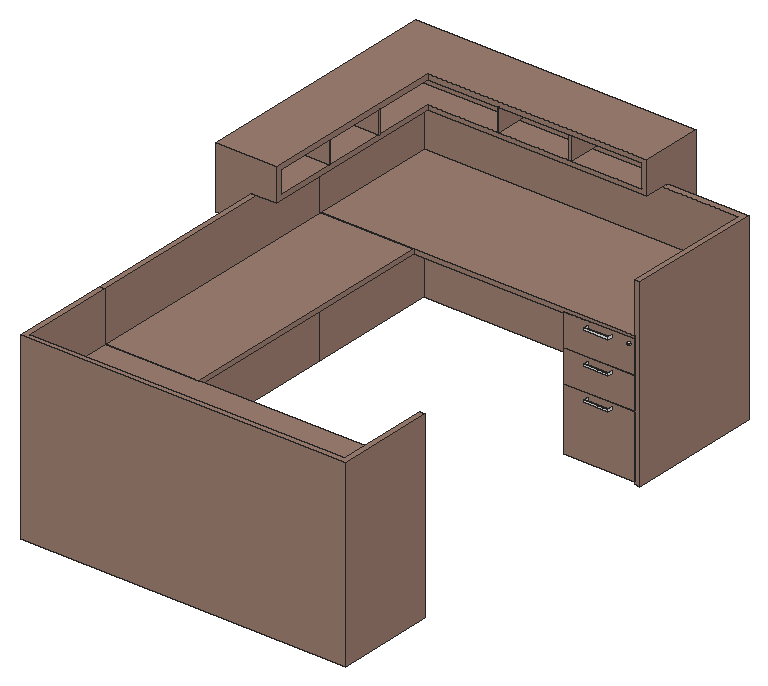
Revit family "T100016", category Furniture, Revit 2018
Family settings
  OmniClass Number = 23.40.20.00
  OmniClass Title = General Furniture and Specialties
  Work Plane-Based = No
  Always vertical = Yes
  Cut with Voids When Loaded = No
  Shared = No
  Room Calculation Point = No
Reference planes (in)
  plane 1 "Center Front/Back": y = 0
  plane 2: z = 0
  plane 3 "Center Left/Right": x = 0
Dimensions and locks (in)
  aligned and locked: level to plane 2
Nested families (in)
  nested 1: "OFS ELEMENT U DESK LEFT AND RIGHT WITH TRANSACTION BOX 72in Width 60in Return" at (-40, 45, 0), type "ELEMENT U DESK LEFT WITH TRANSACTION BOX 72in Width 60in Return"
    with Desk Overlay Option yes
  nested 2: "OFS ELEMENT DESK PEDESTAL" at (-13, 53.37448, 0), type "ELEMENT DESK PEDESTAL BOX/BOX/FILE RETURN"
  nested 3: "OFS ELEMENT CREDENZA PEDESTAL" at (-13, -52.8827, 0) x (-1, 0, 0) z (0, 0, 1), type "ELEMENT CREDENZA PEDESTAL BOX/BOX/FILE RETURN"
  nested 4: "OFS ELEMENT CREDENZA PEDESTAL" at (-28.625, -52.88391, 0) x (-1, 0, 0) z (0, 0, 1), type "ELEMENT CREDENZA PEDESTAL FILE/FILE RETURN"
Definition of nested family "OFS ELEMENT U DESK LEFT AND RIGHT WITH TRANSACTION BOX 72in Width 60in Return"
  Parameters (values of type "ELEMENT U DESK RIGHT WITH TRANSACTION BOX 72in Width 60in Return")
    Worksurface Material = none
    Worksurface Height = 2' - 5 1/2"
    Width = 6' - 0"
    URL = "http://www.ofsbrands.com/"
    Transaction Shelf Material = none
    Table Depth = 1' - 1 1/2"
    Right Return Desk Option = yes
    Return Worksurface Width = 1' - 10"
    Model = "EL-B72RU60"
    Manufacturer = "OFS"
    Left Return Desk Option = no
    Lateral Board Thickness = 0' - 1 3/16"
    Height = 3' - 11 3/4"
    Standoffs Material = none
    Groomet Material = none
    Desk Overlay Thickness = 0' - 0 1/8"
    Desk Overlay Option [instance] = yes
    Desk Overlay Material = none
    Desk Overlay = 0' - 6 1/2"
    Desk Height = 3' - 4 1/2"
    Description = "OFS BRANDS OFS ELEMENT U DESK RIGHT WITH TRANSACTION BOX, 80\"W x 56\"D DESK, 60\"W x 22\"D BRIDGE, 72\"W x 22\"D CREDENZA"
    Desk Depth = 3' - 2"
    Depth = 9' - 11 1/2"
    Credenza Depth = 1' - 10"
    Copyright © = "© 2018 OFS BRANDS"
    Catalog = "http://ofs.com/products/casegoods/reception/element"
    Box Material = none
    Box L = 1' - 6"
    Box Depth = 0' - 8"
    Box D = 5' - 4"
    Bottom Board Offset = 0' - 0"
    Chassis Material = none
    Base Depth = 2' - 6"
    Back Board Thickness = 0' - 1 3/16"
    Authoring Version = "Autodesk Revit Architecture 2013"
    Assembly Code = "E2020200"
  Types (3): name | Right Return Desk Option | Model | Left Return Desk Option | Description
    (no name) | yes | "EL-B72RU60" | no | "OFS BRANDS OFS ELEMENT U DESK RIGHT WITH TRANSACTION BOX, 80\"W x 56\"D DESK, 60\"W x 22\"D BRIDGE, 72\"W x 22\"D CREDENZA"
    ELEMENT U DESK RIGHT WITH TRANSACTION BOX 72in Width 60in Return | yes | "EL-B72RU60" | no | "OFS BRANDS OFS ELEMENT U DESK RIGHT WITH TRANSACTION BOX, 80\"W x 56\"D DESK, 60\"W x 22\"D BRIDGE, 72\"W x 22\"D CREDENZA"
    ELEMENT U DESK LEFT WITH TRANSACTION BOX 72in Width 60in Return | no | "EL-B72LU60" | yes | "OFS BRANDS OFS ELEMENT U DESK LEFT WITH TRANSACTION BOX, 80\"W x 56\"D DESK, 60\"W x 22\"D BRIDGE, 72\"W x 22\"D CREDENZA"
  Reference planes (in)
    plane 1 "Center Front/Back": y = 0
    plane 2: z = 0
    plane 3 "Center Left/Right": x = 0
    plane 4 "Back External": y = 19
    plane 5 "Right External": x = 36
    plane 6 "Front External": y = -19
    plane 7 "Left External": x = -36
    plane 8 "Seat Height": z = 29.5
    plane 9 "Height": z = 47.75
    plane 10: x = 34.8125
    plane 11: x = -34.8125
    plane 12: y = 11
    plane 13: y = 9.8125
    plane 14: y = 5.5
    plane 15: z = 40.5
    plane 16: z = 28.5
    plane 17: z = 46.625
    plane 18: z = 0
    plane 19: x = 29.5
    plane 20: x = -29.5
    plane 21: z = 6.5
    plane 22: z = 34
    plane 23: y = 11.125
    plane 24: y = -100.5
    plane 25: x = -14
    plane 26: x = 14
    plane 27: y = -99.3125
    plane 28: x = -31
    plane 29: x = 31
    plane 30: x = -18
    plane 31: x = 44
    plane 32: x = -44
    plane 33: x = -30.5
    plane 34: x = 30.5
    plane 35: x = 18
    plane 36: y = -36.5
    plane 37: y = -35.3125
    plane 38: x = 42.8125
    plane 39: x = -42.8125
    plane 40: x = -16.8125
    plane 41: x = 16.8125
    plane 42: z = 41.625
    plane 43: y = 17.8125
    plane 44: y = -8.10417
    plane 45: y = -21.70833
    plane 46: x = -1.04167
    plane 47: x = 14.72917
    plane 48: x = 1.04167
    plane 49: x = -14.72917
    plane 50: y = -78.5
  Forms (in)
    Extrusion 1, solid, material <- "Worksurface Material"
      sketch origin (0, 0, 0) x (1, 0, 0) y (0, 1, 0)
        loop
          line (-34.8125, 9.8125) -> (-34.8125, -19) -> (34.8125, -19) -> (34.8125, 9.8125) -> (-34.8125, 9.8125)
      from 28.5 to 29.5
    Extrusion 2, solid, material <- "Chassis Material"
      sketch origin (0, 0, 0) x (1, 0, 0) y (0, 1, 0)
        loop
          line (-36, -19) -> (-34.8125, -19) -> (-34.8125, 9.8125) -> (34.8125, 9.8125) -> (34.8125, -19) -> (36, -19) -> (36, 11) -> (-36, 11) -> (-36, -19)
      from 0 to 40.5
    Extrusion 3, solid, material <- "Box Material", visible <- "Right Return Desk Option"
      sketch origin (0, 0, 6) x (1, 0, 0) y (0, 1, 0)
        loop
          line (-18, 19) -> (-18, 5.5) -> (30.5, 5.5) -> (30.5, -36.5) -> (44, -36.5) -> (44, 19) -> (-18, 19)
      from 40.625 to 41.75
    Extrusion 4, solid, material <- "Desk Overlay Material", visible <- "Desk Overlay Option"
      sketch origin (0, 0, 0) x (1, 0, 0) y (0, 0, 1)
        loop
          line (29.5, 34) -> (-29.5, 34) -> (-29.5, 6.5) -> (29.5, 6.5) -> (29.5, 34)
      from -11.125 to -11
    Extrusion 5, solid, material <- "Chassis Material", visible <- "Left Return Desk Option"
      sketch origin (0, 0, 0) x (1, 0, 0) y (0, 1, 0)
        loop
          line (-36, -19) -> (-36, -78.5) -> (-34.8125, -78.5) -> (-34.8125, -19) -> (-36, -19)
      from 0 to 40.5
    Extrusion 6, solid, material <- "Worksurface Material", visible <- "Left Return Desk Option"
      sketch origin (14.83926, -32.43958, 0) x (1, 0, 0) y (0, 1, 0)
        loop
          line (-49.65176, 13.43958) -> (-49.65176, -46.06042) -> (-28.83926, -46.06042) -> (-28.83926, 13.43958) -> (-49.65176, 13.43958)
      from 28.5 to 29.5
    Extrusion 7, solid, material <- "Chassis Material", visible <- "Right Return Desk Option"
      sketch origin (0, 0, 0) x (-1, 0, 0) y (0, -1, 0)
        loop
          line (-36, 19) -> (-34.8125, 19) -> (-34.8125, 78.5) -> (-36, 78.5) -> (-36, 19)
      from 0 to 40.5
    Extrusion 8, solid, material <- "Worksurface Material", visible <- "Right Return Desk Option"
      sketch origin (-14.83926, -32.43958, 0) x (-1, 0, 0) y (0, -1, 0)
        loop
          line (-49.65176, -13.43958) -> (-28.83926, -13.43958) -> (-28.83926, 46.06042) -> (-49.65176, 46.06042) -> (-49.65176, -13.43958)
      from 28.5 to 29.5
    Extrusion 9, solid, material <- "Box Material", visible <- "Left Return Desk Option"
      sketch origin (0, 0, 6) x (-1, 0, 0) y (0, -1, 0)
        loop
          line (-18, -19) -> (44, -19) -> (44, 36.5) -> (30.5, 36.5) -> (30.5, -5.5) -> (-18, -5.5) -> (-18, -19)
      from 40.625 to 41.75
    Extrusion 10, solid, material <- "Box Material", visible <- "Left Return Desk Option"
      sketch origin (22, -38, 6) x (-1, 0, 0) y (0, -1, 0)
        loop
          line (4, -49) -> (58, -49) -> (58, -1.5) -> (52.5, -1.5) -> (52.5, -43.5) -> (4, -43.5) -> (4, -49)
      from 34.5 to 35.625
    Extrusion 11, solid, material <- "Box Material", visible <- "Right Return Desk Option"
      sketch origin (-22, -38, 6) x (1, 0, 0) y (0, 1, 0)
        loop
          line (4, 49) -> (4, 43.5) -> (52.5, 43.5) -> (52.5, 1.5) -> (58, 1.5) -> (58, 49) -> (4, 49)
      from 34.5 to 35.625
    Extrusion 12, solid, material <- "Box Material", visible <- "Right Return Desk Option"
      sketch origin (0, 0, 0) x (1, 0, 0) y (0, 1, 0)
        loop
          line (-18, 19) -> (-18, 17.8125) -> (42.8125, 17.8125) -> (42.8125, -36.5) -> (44, -36.5) -> (44, 19) -> (-18, 19)
      from 34 to 47.75
    Extrusion 13, solid, material <- "Box Material", visible <- "Left Return Desk Option"
      sketch origin (0, 0, 0) x (-1, 0, 0) y (0, -1, 0)
        loop
          line (-18, -19) -> (44, -19) -> (44, 36.5) -> (42.8125, 36.5) -> (42.8125, -17.8125) -> (-18, -17.8125) -> (-18, -19)
      from 34 to 47.75
    Extrusion 14, solid, material <- "Box Material", visible <- "Left Return Desk Option"
      sketch origin (0, 0, 0) x (1, 0, 0) y (0, 0, 1)
        loop
          line (-42.8125, 46.625) -> (-42.8125, 34) -> (-36, 34) -> (-36, 41.625) -> (-30.5, 41.625) -> (-30.5, 46.625) -> (-42.8125, 46.625)
      from 35.3125 to 36.5
    Extrusion 15, solid, material <- "Box Material", visible <- "Right Return Desk Option"
      sketch origin (0, 0, 0) x (-1, 0, 0) y (0, 0, -1)
        loop
          line (-42.8125, -46.625) -> (-30.5, -46.625) -> (-30.5, -41.625) -> (-36, -41.625) -> (-36, -34) -> (-42.8125, -34) -> (-42.8125, -46.625)
      from 35.3125 to 36.5
    Extrusion 16, solid, material <- "Box Material", visible <- "Right Return Desk Option"
      sketch origin (0, 5.66667, 0) x (1, 0, 0) y (0, 1, 0)
        loop
          line (30.5, -13.64583) -> (30.5, -13.89583) -> (42.8125, -13.89583) -> (42.8125, -13.64583) -> (30.5, -13.64583)
      from 41.625 to 46.625
    Extrusion 17, solid, material <- "Box Material", visible <- "Right Return Desk Option"
      sketch origin (0, -6.66667, 0) x (1, 0, 0) y (0, 1, 0)
        loop
          line (30.5, -14.91667) -> (30.5, -15.16667) -> (42.8125, -15.16667) -> (42.8125, -14.91667) -> (30.5, -14.91667)
      from 41.625 to 46.625
    Extrusion 18, solid, material <- "Box Material", visible <- "Left Return Desk Option"
      sketch origin (0, 5.66667, 0) x (-1, 0, 0) y (0, -1, 0)
        loop
          line (30.5, 13.64583) -> (42.8125, 13.64583) -> (42.8125, 13.89583) -> (30.5, 13.89583) -> (30.5, 13.64583)
      from 41.625 to 46.625
    Extrusion 19, solid, material <- "Box Material", visible <- "Left Return Desk Option"
      sketch origin (0, -6.66667, 0) x (-1, 0, 0) y (0, -1, 0)
        loop
          line (30.5, 14.91667) -> (42.8125, 14.91667) -> (42.8125, 15.16667) -> (30.5, 15.16667) -> (30.5, 14.91667)
      from 41.625 to 46.625
    Extrusion 20, solid, material <- "Box Material", visible <- "Right Return Desk Option"
      sketch origin (1.16497, -1.66375, 0) x (1, 0, 0) y (0, 1, 0)
        loop
          line (13.58503, 19.47625) -> (13.58503, 7.16375) -> (13.9392, 7.16375) -> (13.9392, 19.47625) -> (13.58503, 19.47625)
      from 41.625 to 46.625
    Extrusion 21, solid, material <- "Box Material", visible <- "Right Return Desk Option"
      sketch origin (-14.60586, -1.66375, 0) x (1, 0, 0) y (0, 1, 0)
        loop
          line (13.1892, 19.47625) -> (13.1892, 7.16375) -> (13.9392, 7.16375) -> (13.9392, 19.47625) -> (13.1892, 19.47625)
      from 41.625 to 46.625
    Extrusion 22, solid, material <- "Box Material", visible <- "Left Return Desk Option"
      sketch origin (-1.16497, -1.66375, 0) x (-1, 0, 0) y (0, -1, 0)
        loop
          line (13.58503, -19.47625) -> (13.9392, -19.47625) -> (13.9392, -7.16375) -> (13.58503, -7.16375) -> (13.58503, -19.47625)
      from 41.625 to 46.625
    Extrusion 23, solid, material <- "Box Material", visible <- "Left Return Desk Option"
      sketch origin (14.60586, -1.66375, 0) x (-1, 0, 0) y (0, -1, 0)
        loop
          line (13.1892, -19.47625) -> (13.9392, -19.47625) -> (13.9392, -7.16375) -> (13.1892, -7.16375) -> (13.1892, -19.47625)
      from 41.625 to 46.625
    Extrusion 24, solid, material <- "Box Material", visible <- "Right Return Desk Option"
      sketch origin (-3.41497, -1.91375, 0) x (-1, 0, 0) y (0, -1, 0)
        loop
          line (13.39753, -19.72625) -> (14.58503, -19.72625) -> (14.58503, -7.41375) -> (13.39753, -7.41375) -> (13.39753, -19.72625)
      from 41.625 to 46.625
    Extrusion 25, solid, material <- "Box Material", visible <- "Left Return Desk Option"
      sketch origin (2.66497, -1.91375, 0) x (1, 0, 0) y (0, 1, 0)
        loop
          line (14.14753, 19.72625) -> (14.14753, 7.41375) -> (15.33503, 7.41375) -> (15.33503, 19.72625) -> (14.14753, 19.72625)
      from 41.625 to 46.625
    Extrusion 26, solid, material <- "Box Material", visible <- "Right Return Desk Option"
      sketch origin (-3.41497, -1.91375, 0) x (-1, 0, 0) y (0, -1, 0)
        loop
          line (13.39753, -19.72625) -> (14.58503, -19.72625) -> (14.58503, -12.91375) -> (13.39753, -12.91375) -> (13.39753, -19.72625)
      from 34 to 41.625
    Extrusion 27, solid, material <- "Box Material", visible <- "Left Return Desk Option"
      sketch origin (38.58503, -1.91375, 0) x (-1, 0, 0) y (0, -1, 0)
        loop
          line (20.58503, -19.72625) -> (21.77253, -19.72625) -> (21.77253, -12.91375) -> (20.58503, -12.91375) -> (20.58503, -19.72625)
      from 34 to 41.625
    Extrusion 28, solid, material <- "Worksurface Material"
      sketch origin (36.05246, -53.65278, 0) x (1, 0, 0) y (0, 1, 0)
        loop
          line (-70.86496, -24.84722) -> (-70.86496, -45.65972) -> (-1.23996, -45.65972) -> (-1.23996, -24.84722) -> (-70.86496, -24.84722)
      from 28.5 to 29.5
    Extrusion 29, solid, material <- "Chassis Material"
      sketch origin (22.69245, -7.81364, 0) x (1, 0, 0) y (0, 1, 0)
        loop
          line (-58.69245, -70.68636) -> (-58.69245, -92.68636) -> (13.30755, -92.68636) -> (13.30755, -70.68636) -> (12.12005, -70.68636) -> (12.12005, -91.49886) -> (-57.50495, -91.49886) -> (-57.50495, -70.68636) -> (-58.69245, -70.68636)
      from 0 to 40.5
  Cuts and joins
    joined: Extrusion 9, Extrusion 10, Extrusion 13, Extrusion 14, Extrusion 25, Extrusion 27
    joined: Extrusion 3, Extrusion 11, Extrusion 12, Extrusion 15, Extrusion 24, Extrusion 26
  Dimensions and locks (in)
    equal spacing: plane 7 "Left External", plane 3 "Center Left/Right", plane 5 "Right External"
    "Width": plane 7 "Left External" to plane 5 "Right External"
    equal spacing: plane 6 "Front External", plane 1 "Center Front/Back", plane 4 "Back External"
    "Desk Depth": plane 4 "Back External" to plane 6 "Front External"
    "Worksurface Height": plane 8 "Seat Height" to level
    "Height": plane 9 "Height" to level
    "Lateral Board Thickness": plane 7 "Left External" to plane 11
    "Lateral Board Thickness": plane 10 to plane 5 "Right External"
    "Base Depth": plane 12 to plane 6 "Front External"
    "Back Board Thickness": plane 12 to plane 13
    "Table Depth": plane 4 "Back External" to plane 14
    "Desk Height": plane 15 to level
    "Bottom Board Offset": plane 18 to level
    "Desk Overlay": plane 5 "Right External" to plane 19
    "Desk Overlay": plane 20 to plane 7 "Left External"
    plane 20 to plane 19 = 4' - 11"
    "Desk Overlay": plane 22 to plane 15
    "Desk Overlay": plane 18 to plane 21
    "Desk Overlay Thickness": plane 23 to plane 12
    "Depth": plane 4 "Back External" to plane 24
    "Return Worksurface Width": plane 7 "Left External" to plane 25
    "Return Worksurface Width": plane 26 to plane 5 "Right External"
    "Back Board Thickness": plane 27 to plane 24
    locked: plane 7 "Left External" to plane 28 at 5
    locked: plane 29 to plane 5 "Right External" at 5
    locked: plane 9 "Height" to plane 17 at 1.125
    locked: plane 8 "Seat Height" to plane 16 at 1
    "Box Depth": plane 5 "Right External" to plane 31
    "Box Depth": plane 7 "Left External" to plane 32
    "Table Depth": plane 32 to plane 33
    "Table Depth": plane 31 to plane 34
    "Box L": plane 7 "Left External" to plane 30
    "Box L": plane 5 "Right External" to plane 35
    "Box D": plane 36 to plane 24
    "Back Board Thickness": plane 37 to plane 36
    "Back Board Thickness": plane 38 to plane 31
    "Back Board Thickness": plane 39 to plane 32
    "Back Board Thickness": plane 30 to plane 40
    "Back Board Thickness": plane 41 to plane 35
    locked: plane 42 to plane 15 at 1.125
    "Back Board Thickness": plane 4 "Back External" to plane 43
    equal spacing: plane 14, plane 44, plane 45, plane 37
    equal spacing: plane 40, plane 46, plane 47, plane 34
    equal spacing: plane 41, plane 48, plane 49, plane 33
    "Credenza Depth": plane 50 to plane 24
    aligned and locked: level to plane 2
    aligned and locked: Extrusion 1 sketch curve to plane 13
    aligned and locked: Extrusion 1 sketch curve to plane 11
    aligned and locked: plane 6 "Front External" to Extrusion 1 sketch curve
    aligned and locked: Extrusion 1 sketch curve to plane 10
    aligned and locked: plane 7 "Left External" to Extrusion 2 sketch curve
    aligned and locked: Extrusion 2 sketch curve to Extrusion 1  (x3)
    aligned and locked: plane 12 to Extrusion 2 sketch curve
    aligned and locked: plane 5 "Right External" to Extrusion 2 sketch curve
    aligned and locked: Extrusion 1 to Extrusion 2 sketch curve
    aligned and locked: Extrusion 2 sketch curve to plane 13
    aligned and locked: Extrusion 2 to plane 18
    aligned and locked: Extrusion 1 to plane 16
    aligned and locked: plane 8 "Seat Height" to Extrusion 1
    aligned and locked: Extrusion 3 to plane 14
    aligned and locked: Extrusion 3 to plane 4 "Back External"
    aligned and locked: Extrusion 3 to plane 9 "Height"
    aligned and locked: Extrusion 3 to plane 17
    aligned and locked: Extrusion 4 sketch curve to plane 22
    aligned and locked: Extrusion 4 sketch curve to plane 19
    aligned and locked: Extrusion 4 sketch curve to plane 21
    aligned and locked: Extrusion 4 sketch curve to plane 20
    aligned and locked: Extrusion 4 to plane 12
    aligned and locked: Extrusion 4 to plane 23
    aligned and locked: Extrusion 5 sketch curve to plane 6 "Front External"
    aligned and locked: plane 11 to Extrusion 6
    aligned and locked: plane 6 "Front External" to Extrusion 6
    aligned and locked: Extrusion 6 to plane 25
    aligned and locked: plane 6 "Front External" to Extrusion 8
    aligned and locked: Extrusion 8 to plane 26
    aligned and locked: Extrusion 8 to plane 10
    aligned and locked: plane 6 "Front External" to Extrusion 7
    aligned and locked: Extrusion 7 to plane 10
    aligned and locked: Extrusion 7 to plane 5 "Right External"
    aligned and locked: Extrusion 5 to plane 18
    aligned and locked: Extrusion 7 to plane 18
    aligned and locked: plane 15 to Extrusion 7
    aligned and locked: plane 15 to Extrusion 5
    aligned and locked: plane 31 to Extrusion 3 sketch curve
    aligned and locked: plane 34 to Extrusion 3 sketch curve
    aligned and locked: plane 36 to Extrusion 3 sketch curve
    aligned and locked: Extrusion 3 sketch curve to plane 30
    aligned and locked: plane 9 "Height" to Extrusion 9
    aligned and locked: Extrusion 9 to plane 17
    aligned and locked: Extrusion 6 to plane 16
    aligned and locked: plane 8 "Seat Height" to Extrusion 6
    aligned and locked: Extrusion 8 to plane 16
    aligned and locked: plane 8 "Seat Height" to Extrusion 8
    aligned and locked: plane 15 to Extrusion 2
    aligned and locked: Extrusion 10 to plane 7 "Left External"
    aligned and locked: Extrusion 10 to plane 33
    aligned and locked: Extrusion 10 to plane 14
    aligned and locked: Extrusion 10 to plane 35
    aligned and locked: Extrusion 10 to plane 36
    aligned and locked: Extrusion 10 to plane 15
    aligned and locked: plane 42 to Extrusion 10
    aligned and locked: Extrusion 11 to plane 15
    aligned and locked: plane 42 to Extrusion 11
    aligned and locked: plane 36 to Extrusion 12 sketch curve
    aligned and locked: plane 31 to Extrusion 12 sketch curve
    aligned and locked: Extrusion 12 sketch curve to plane 38
    aligned and locked: plane 9 "Height" to Extrusion 13
    aligned and locked: Extrusion 13 to plane 35
    aligned and locked: Extrusion 12 to plane 30
    aligned and locked: plane 39 to Extrusion 14 sketch curve
    aligned and locked: Extrusion 14 sketch curve to plane 17
    aligned and locked: plane 42 to Extrusion 14 sketch curve
    aligned and locked: Extrusion 14 sketch curve to plane 7 "Left External"
    aligned and locked: Extrusion 14 to plane 33
    aligned and locked: plane 37 to Extrusion 14
    aligned and locked: Extrusion 14 to plane 36
    aligned and locked: Extrusion 15 to plane 36
    aligned and locked: plane 37 to Extrusion 15
    aligned and locked: Extrusion 12 to plane 9 "Height"
    aligned and locked: plane 22 to Extrusion 15
    aligned and locked: Extrusion 12 to plane 22
    aligned and locked: Extrusion 14 to plane 22
    aligned and locked: Extrusion 13 to plane 22
    aligned and locked: Extrusion 16 to plane 34
    aligned and locked: Extrusion 17 to plane 34
    aligned and locked: Extrusion 17 to plane 17
    aligned and locked: Extrusion 16 to plane 17
    aligned and locked: Extrusion 17 to plane 42
    aligned and locked: Extrusion 16 to plane 42
    aligned and locked: Extrusion 17 to plane 38
    aligned and locked: Extrusion 16 to plane 38
    aligned and locked: Extrusion 9 to plane 36
    aligned and locked: Extrusion 13 to plane 36
    aligned and locked: Extrusion 11 to plane 36
    aligned and locked: plane 5 "Right External" to Extrusion 11
    aligned and locked: Extrusion 11 to plane 30
    aligned and locked: Extrusion 9 to plane 35
    aligned and locked: Extrusion 13 to plane 43
    aligned and locked: Extrusion 12 to plane 43
    aligned and locked: plane 17 to Extrusion 19
    aligned and locked: plane 17 to Extrusion 18
    aligned and locked: Extrusion 19 to plane 42
    aligned and locked: Extrusion 18 to plane 42
    aligned and locked: Extrusion 19 to plane 39
    aligned and locked: Extrusion 19 to plane 33
    aligned and locked: Extrusion 18 to plane 39
    aligned and locked: Extrusion 18 to plane 33
    aligned and locked: plane 12 to Extrusion 11
    aligned and locked: plane 12 to Extrusion 10
    aligned and locked: Extrusion 22 to plane 14
    aligned and locked: Extrusion 23 to plane 14
    aligned and locked: plane 14 to Extrusion 22
    aligned and locked: Extrusion 21 to plane 14
    aligned and locked: plane 43 to Extrusion 22
    aligned and locked: plane 43 to Extrusion 21
    aligned and locked: plane 43 to Extrusion 23
    aligned and locked: plane 43 to Extrusion 20
    aligned and locked: plane 17 to Extrusion 22
    aligned and locked: plane 17 to Extrusion 21
    aligned and locked: plane 17 to Extrusion 23
    aligned and locked: plane 17 to Extrusion 20
    aligned and locked: Extrusion 22 to plane 42
    aligned and locked: Extrusion 21 to plane 42
    aligned and locked: Extrusion 23 to plane 42
    aligned and locked: Extrusion 20 to plane 42
    aligned and locked: Extrusion 24 to plane 30
    aligned and locked: plane 40 to Extrusion 24
    aligned and locked: Extrusion 25 to plane 35
    aligned and locked: plane 41 to Extrusion 25
    aligned and locked: plane 43 to Extrusion 24
    aligned and locked: plane 43 to Extrusion 25
    aligned and locked: Extrusion 24 to plane 14
    aligned and locked: Extrusion 25 to plane 14
    aligned and locked: plane 17 to Extrusion 24
    aligned and locked: plane 17 to Extrusion 25
    aligned and locked: Extrusion 24 to plane 42
    aligned and locked: Extrusion 25 to plane 42
    aligned and locked: Extrusion 26 to plane 22
    aligned and locked: Extrusion 26 to plane 12
    aligned and locked: plane 43 to Extrusion 26
    aligned and locked: Extrusion 26 to plane 30
    aligned and locked: plane 42 to Extrusion 26
    aligned and locked: Extrusion 27 to plane 35
    aligned and locked: plane 41 to Extrusion 27
    aligned and locked: plane 42 to Extrusion 27
    aligned and locked: Extrusion 27 to plane 22
    aligned and locked: plane 43 to Extrusion 27
    aligned and locked: Extrusion 27 to plane 12
    aligned and locked: Extrusion 6 to plane 50
    aligned and locked: Extrusion 8 to plane 50
    aligned and locked: Extrusion 28 to plane 27
    aligned and locked: plane 50 to Extrusion 28
    aligned and locked: plane 11 to Extrusion 28
    aligned and locked: Extrusion 28 to plane 10
    aligned and locked: Extrusion 28 to plane 16
    aligned and locked: plane 8 "Seat Height" to Extrusion 28
    aligned and locked: plane 50 to Extrusion 5 sketch curve
    aligned and locked: Extrusion 7 sketch curve to plane 50
    aligned and locked: Extrusion 29 sketch curve to plane 7 "Left External"
    aligned and locked: plane 11 to Extrusion 29 sketch curve
    aligned and locked: Extrusion 29 sketch curve to plane 5 "Right External"
    aligned and locked: plane 10 to Extrusion 29 sketch curve
    aligned and locked: Extrusion 29 sketch curve to plane 27
    aligned and locked: plane 24 to Extrusion 29 sketch curve
    aligned and locked: plane 50 to Extrusion 29  (x2)
  Automatic sketch dimensions
    Extrusion 3 sketch curve to plane 14 = 0' - 0"
    plane 4 "Back External" to Extrusion 3 sketch curve = 0' - 0"
    Extrusion 5 sketch curve to plane 7 "Left External" = 0' - 0"
    Extrusion 6 sketch curve to plane 11 = 0' - 0"
    Extrusion 6 sketch curve to plane 25 = 0' - 0"
    Extrusion 6 sketch curve to plane 50 = 0' - 0"
    Extrusion 6 sketch curve to plane 6 "Front External" = 0' - 0"
    Extrusion 8 sketch curve to plane 10 = 0' - 0"
    Extrusion 8 sketch curve to plane 26 = 0' - 0"
    Extrusion 8 sketch curve to plane 50 = 0' - 0"
    Extrusion 8 sketch curve to plane 6 "Front External" = 0' - 0"
    Extrusion 9 sketch curve to plane 4 "Back External" = 0' - 0"
    Extrusion 9 sketch curve to plane 35 = 0' - 0"
    Extrusion 9 sketch curve to plane 33 = 0' - 0"
    Extrusion 9 sketch curve to plane 32 = 0' - 0"
    Extrusion 9 sketch curve to plane 14 = 0' - 0"
    Extrusion 9 sketch curve to plane 36 = 0' - 0"
    Extrusion 10 sketch curve to plane 12 = 0' - 0"
    Extrusion 10 sketch curve to plane 35 = 0' - 0"
    Extrusion 10 sketch curve to plane 33 = 0' - 0"
    Extrusion 10 sketch curve to plane 7 "Left External" = 0' - 0"
    Extrusion 10 sketch curve to plane 14 = 0' - 0"
    Extrusion 10 sketch curve to plane 36 = 0' - 0"
    Extrusion 11 sketch curve to plane 12 = 0' - 0"
    Extrusion 11 sketch curve to plane 30 = 0' - 0"
    Extrusion 11 sketch curve to plane 34 = 0' - 0"
    Extrusion 11 sketch curve to plane 5 "Right External" = 0' - 0"
    Extrusion 11 sketch curve to plane 36 = 0' - 0"
    Extrusion 11 sketch curve to plane 14 = 0' - 0"
    Extrusion 12 sketch curve to plane 4 "Back External" = 0' - 0"
    Extrusion 12 sketch curve to plane 30 = 0' - 0"
    plane 43 to Extrusion 12 sketch curve = 0' - 0"
    Extrusion 13 sketch curve to plane 4 "Back External" = 0' - 0"
    Extrusion 13 sketch curve to plane 35 = 0' - 0"
    Extrusion 13 sketch curve to plane 36 = 0' - 0"
    Extrusion 13 sketch curve to plane 39 = 0' - 0"
    Extrusion 13 sketch curve to plane 32 = 0' - 0"
    Extrusion 13 sketch curve to plane 43 = 0' - 0"
    plane 33 to Extrusion 14 sketch curve = 0' - 0"
    Extrusion 14 sketch curve to plane 22 = 0' - 0"
    Extrusion 15 sketch curve to plane 17 = 0' - 0"
    plane 38 to Extrusion 15 sketch curve = 0' - 0"
    Extrusion 15 sketch curve to plane 5 "Right External" = 0' - 0"
    Extrusion 15 sketch curve to plane 34 = 0' - 0"
    Extrusion 15 sketch curve to plane 22 = 0' - 0"
    Extrusion 15 sketch curve to plane 42 = 0' - 0"
    Extrusion 16 sketch curve to plane 34 = 0' - 0"
    Extrusion 16 sketch curve to plane 38 = 0' - 0"
    Extrusion 16 sketch curve to plane 44 = 0' - 0 1/8"
    plane 44 to Extrusion 16 sketch curve = 0' - 0 1/8"
    Extrusion 17 sketch curve to plane 34 = 0' - 0"
    Extrusion 17 sketch curve to plane 38 = 0' - 0"
    Extrusion 17 sketch curve to plane 45 = 0' - 0 1/8"
    plane 45 to Extrusion 17 sketch curve = 0' - 0 1/8"
    Extrusion 18 sketch curve to plane 33 = 0' - 0"
    Extrusion 18 sketch curve to plane 39 = 0' - 0"
    plane 44 to Extrusion 18 sketch curve = 0' - 0 1/8"
    Extrusion 18 sketch curve to plane 44 = 0' - 0 1/8"
    Extrusion 19 sketch curve to plane 33 = 0' - 0"
    Extrusion 19 sketch curve to plane 39 = 0' - 0"
    plane 45 to Extrusion 19 sketch curve = 0' - 0 1/8"
    Extrusion 19 sketch curve to plane 45 = 0' - 0 1/8"
    Extrusion 20 sketch curve to plane 14 = 0' - 0"
    Extrusion 20 sketch curve to plane 43 = 0' - 0"
    plane 47 to Extrusion 20 sketch curve = 0' - 0.02083"
    Extrusion 20 sketch curve to Extrusion 20 sketch curve = 0' - 0.35417"
    Extrusion 21 sketch curve to plane 14 = 0' - 0"
    Extrusion 21 sketch curve to plane 43 = 0' - 0"
    Extrusion 21 sketch curve to plane 46 = 0' - 0 3/8"
    plane 46 to Extrusion 21 sketch curve = 0' - 0 3/8"
    Extrusion 22 sketch curve to plane 14 = 0' - 0"
    Extrusion 22 sketch curve to plane 43 = 0' - 0"
    Extrusion 22 sketch curve to plane 49 = 0' - 0.02083"
    Extrusion 22 sketch curve to Extrusion 22 sketch curve = 0' - 0.35417"
    Extrusion 23 sketch curve to plane 14 = 0' - 0"
    Extrusion 23 sketch curve to plane 43 = 0' - 0"
    plane 48 to Extrusion 23 sketch curve = 0' - 0 3/8"
    Extrusion 23 sketch curve to plane 48 = 0' - 0 3/8"
    Extrusion 24 sketch curve to plane 14 = 0' - 0"
    Extrusion 24 sketch curve to plane 40 = 0' - 0"
    Extrusion 24 sketch curve to plane 30 = 0' - 0"
    Extrusion 24 sketch curve to plane 43 = 0' - 0"
    Extrusion 25 sketch curve to plane 14 = 0' - 0"
    Extrusion 25 sketch curve to plane 41 = 0' - 0"
    Extrusion 25 sketch curve to plane 35 = 0' - 0"
    Extrusion 25 sketch curve to plane 43 = 0' - 0"
    Extrusion 26 sketch curve to plane 12 = 0' - 0"
    Extrusion 26 sketch curve to plane 40 = 0' - 0"
    Extrusion 26 sketch curve to plane 30 = 0' - 0"
    Extrusion 26 sketch curve to plane 43 = 0' - 0"
    Extrusion 27 sketch curve to plane 12 = 0' - 0"
    Extrusion 27 sketch curve to plane 35 = 0' - 0"
    Extrusion 27 sketch curve to plane 41 = 0' - 0"
    Extrusion 27 sketch curve to plane 43 = 0' - 0"
    Extrusion 28 sketch curve to plane 11 = 0' - 0"
    Extrusion 28 sketch curve to plane 10 = 0' - 0"
    Extrusion 28 sketch curve to plane 27 = 0' - 0"
    Extrusion 28 sketch curve to plane 50 = 0' - 0"
    Extrusion 5 sketch curve to plane 11 = 0' - 0"
    Extrusion 7 sketch curve to plane 5 "Right External" = 0' - 0"
    Extrusion 7 sketch curve to plane 6 "Front External" = 0' - 0"
    Extrusion 7 sketch curve to plane 10 = 0' - 0"
    Extrusion 29 sketch curve to plane 36 = 3' - 6"  (x2)
Definition of nested family "OFS ELEMENT DESK PEDESTAL"
  Parameters (values of type "ELEMENT DESK PEDESTAL FILE/FILE RETURN")
    Worksurface Material = none
    Width = 1' - 3 5/8"
    URL = "http://ofsbrands.com"
    Top Thickness = 0' - 0"
    Lateral Boads Thickness = 0' - 0 5/8"
    Frontboard Thickness = 0' - 0 3/4"
    Frontboard Space = 0' - 0 1/4"
    Drawer Handles Material = none
    Drawer Handle Width = 0' - 5 7/16"
    Drawer Handle Depth = 0' - 1"
    Drawer 1 Height = 1' - 2 1/2"
    Door Gap = 0' - 0 1/8"
    Depth = 2' - 3 5/8"
    Model = "EL-1628MFFC"
    Manufacturer = "OFS"
    Height = 2' - 4 13/16"
    Description = "OFS BRANDS OFS ELEMENT DESK PEDESTAL FILE/FILE RETURN, Two File Drawers"
    Copyright © = "© OFS BRANDS 2018"
    Chasis Material = none
    Catalog = "http://ofs.com/products/casegoods/reception/element"
    Bottomboard Thickness = 0' - 0 15/16"
    Bottom Board Offset = 0' - 0 9/16"
    Backboard Thickness = 0' - 0 15/16"
    Authoring Version = "Autodesk Revit Architecture 2013"
    Assembly Code = "E2020200"
    2 = no
    1 = yes
  Types (3): name | Model | Description | 2 | 1
    (no name) | "EL-1628MFFC" | "OFS BRANDS OFS ELEMENT DESK PEDESTAL FILE/FILE RETURN, Two File Drawers" | no | yes
    ELEMENT DESK PEDESTAL BOX/BOX/FILE RETURN | "EL-1628MBFC" | "OFS BRANDS OFS ELEMENT DESK PEDESTAL BOX/BOX/FILE RETURN, Two Box Drawers, One File Drawer" | yes | no
    ELEMENT DESK PEDESTAL FILE/FILE RETURN | "EL-1628MFFC" | "OFS BRANDS OFS ELEMENT DESK PEDESTAL FILE/FILE RETURN, Two File Drawers" | no | yes
  Reference planes (in)
    plane 1 "Center Front/Back": y = 0
    plane 2: z = 0
    plane 3 "Center Left/Right": x = 0
    plane 4 "Left End": x = -7.8125
    plane 5 "Front End": y = -27.625
    plane 6 "Right End": x = 7.8125
    plane 7 "Height Top": z = 28.8125
    plane 8: z = 0.5625
    plane 9: y = -0.9375
    plane 10: y = -27.375
    plane 11: x = 7.1875
    plane 12: x = -7.1875
    plane 13: y = -26.625
    plane 14: z = 1.5
    plane 15: z = 28.8125
    plane 16: x = 0
    plane 17: x = -2.71875
    plane 18: x = 2.71875
    plane 19: y = -28.375
    plane 20: y = -22.31418
    plane 21: x = -2.46875
    plane 22: y = -28.125
    plane 23: x = 2.46875
    plane 24: z = 27.8125
    plane 25: z = 27.3125
    plane 26: z = 14.5
    plane 27: z = 14.375
    plane 28: z = 21.65625
    plane 29: z = 21.53125
    plane 30: z = 20.65625
    plane 31: z = 20.15625
    plane 32: z = 13.5
    plane 33: z = 13
    plane 34: z = 14.96875
    plane 35: z = 14.03125
  Forms (in)
    Extrusion 1, solid, material <- "Chasis Material"
      sketch origin (-3.125, -5.41266, 0) x (1, 0, 0) y (0, 1, 0)
        loop
          line (-4.6875, 5.41266) -> (-4.6875, -21.21234) -> (-4.0625, -21.21234) -> (-4.0625, 5.41266) -> (-4.6875, 5.41266)
      from 0 to 28.8125
    Extrusion 2, solid, material <- "Chasis Material"
      sketch origin (37.875, -5.41266, 0) x (1, 0, 0) y (0, 1, 0)
        loop
          line (-30.6875, 5.41266) -> (-30.6875, -21.21234) -> (-30.0625, -21.21234) -> (-30.0625, 5.41266) -> (-30.6875, 5.41266)
      from 0 to 28.8125
    Extrusion 3, solid, material <- "Chasis Material"
      sketch origin (-5.10739, -10.02382, 0) x (1, 0, 0) y (0, 1, 0)
        loop
          line (-2.70511, -16.60118) -> (-2.70511, -17.35118) -> (12.91989, -17.35118) -> (12.91989, -16.60118) -> (-2.70511, -16.60118)
      from 0.5625 to 14.375
    Extrusion 4, solid, material <- "Chasis Material"
      sketch origin (0, 0, 0) x (1, 0, 0) y (0, 1, 0)
        loop
          line (-7.1875, -0.9375) -> (-7.1875, -26.625) -> (7.1875, -26.625) -> (7.1875, -0.9375) -> (-7.1875, -0.9375)
      from 0.5625 to 1.5
    Extrusion 5, solid, material <- "Drawer Handles Material"
      sketch origin (7.8125, 0, 0) x (1, 0, 0) y (0, 1, 0)
        loop
          line (-10.53125, -27.375) -> (-10.53125, -28.375) -> (-5.09375, -28.375) -> (-5.09375, -27.375) -> (-5.34375, -27.375) -> (-5.34375, -28.125) -> (-10.28125, -28.125) -> (-10.28125, -27.375) -> (-10.53125, -27.375)
      from 27.3125 to 27.8125
    Extrusion 6, solid, material <- "Drawer Handles Material", visible <- "2"
      sketch origin (7.8125, 0, -7.15625) x (1, 0, 0) y (0, 1, 0)
        loop
          line (-10.53125, -27.375) -> (-10.53125, -28.375) -> (-5.09375, -28.375) -> (-5.09375, -27.375) -> (-5.34375, -27.375) -> (-5.34375, -28.125) -> (-10.28125, -28.125) -> (-10.28125, -27.375) -> (-10.53125, -27.375)
      from 27.3125 to 27.8125
    Extrusion 7, solid, material <- "Drawer Handles Material"
      sketch origin (7.8125, 0, -14.3125) x (1, 0, 0) y (0, 1, 0)
        loop
          line (-10.53125, -27.375) -> (-10.53125, -28.375) -> (-5.09375, -28.375) -> (-5.09375, -27.375) -> (-5.34375, -27.375) -> (-5.34375, -28.125) -> (-10.28125, -28.125) -> (-10.28125, -27.375) -> (-10.53125, -27.375)
      from 27.3125 to 27.8125
    Extrusion 8, solid, material <- "Chasis Material", visible <- "1"
      sketch origin (-5.10739, -10.02382, 10.75) x (1, 0, 0) y (0, 1, 0)
        loop
          line (-2.70511, -16.60118) -> (-2.70511, -17.35118) -> (12.91989, -17.35118) -> (12.91989, -16.60118) -> (-2.70511, -16.60118)
      from 3.75 to 18.0625
    Extrusion 9, solid, material <- "Chasis Material", visible <- "2"
      sketch origin (-18.01928, -10.02382, 13.32115) x (-1, 0, 0) y (0, -1, 0)
        loop
          line (-25.83178, 16.60118) -> (-10.20678, 16.60118) -> (-10.20678, 17.35118) -> (-25.83178, 17.35118) -> (-25.83178, 16.60118)
      from 8.3351 to 15.49135
    Extrusion 10, solid, material <- "Chasis Material", visible <- "2"
      sketch origin (-20.85209, -10.02382, 6.64749) x (-1, 0, 0) y (0, -1, 0)
        loop
          line (-28.66459, 16.60118) -> (-13.03959, 16.60118) -> (-13.03959, 17.35118) -> (-28.66459, 17.35118) -> (-28.66459, 16.60118)
      from 7.85251 to 14.88376
    Extrusion 11, solid, material <- "Chasis Material"
      sketch origin (0, 0, 0) x (0, 1, 0) y (0, 0, 1)
        loop
          line (-22.87008, 28.23707) -> (-22.87008, 27.4375) -> (-20.37008, 27.4375) -> (-20.37008, 28.23707) -> (-22.87008, 28.23707)
        loop
          line (-2.53617, 27.4375) -> (-0.03617, 27.4375) -> (-0.03617, 28.23707) -> (-2.53617, 28.23707) -> (-2.53617, 27.4375)
        loop
          line (-0.9375, 23.05758) -> (-0.07543, 23.05758) -> (-0.07543, 25.55758) -> (-0.9375, 25.55758) -> (-0.9375, 23.05758)
        loop
          line (-0.9375, 3.00492) -> (-0.07543, 3.00492) -> (-0.07543, 5.50492) -> (-0.9375, 5.50492) -> (-0.9375, 3.00492)
      from -7.1875 to 7.1875
    Extrusion 12, solid, material <- "Chasis Material"
      sketch origin (0, 0, 0) x (1, 0, 0) y (0, 0, 1)
        loop
          line (-7.1875, 14.96875) -> (-7.1875, 14.03125) -> (7.1875, 14.03125) -> (7.1875, 14.96875) -> (-7.1875, 14.96875)
      from 0.9375 to 26.625
    Blend 13, solid, material <- "Drawer Handles Material"
      base sketch origin (-45.26475, -5.625, 1.53469) x (1, 0, 0) y (0, 0, 1)
        loop
          circle (51.8743, 26.01563) r 0.31101
      top sketch origin (-45.26475, -5.625, 1.53469) x (1, 0, 0) y (0, 0, 1)
        loop
          circle (51.8743, 26.01563) r 0.25
      from 21.75 to 22
  Dimensions and locks (in)
    "Height": plane 7 "Height Top" to level
    "Bottom Board Offset": plane 8 to level
    "Depth": plane 5 "Front End" to plane 1 "Center Front/Back"
    equal spacing: plane 4 "Left End", plane 3 "Center Left/Right", plane 6 "Right End"
    "Width": plane 4 "Left End" to plane 6 "Right End"
    "Backboard Thickness": plane 9 to plane 1 "Center Front/Back"
    "Frontboard Space": plane 10 to plane 5 "Front End"
    "Lateral Boads Thickness": plane 4 "Left End" to plane 12
    "Lateral Boads Thickness": plane 11 to plane 6 "Right End"
    "Frontboard Thickness": plane 13 to plane 10
    "Bottomboard Thickness": plane 14 to plane 8
    "Top Thickness": plane 7 "Height Top" to plane 15
    equal spacing: plane 17, plane 16, plane 18
    "Drawer Handle Width": plane 17 to plane 18
    "Drawer Handle Depth": plane 10 to plane 19
    locked: plane 17 to plane 21 at 0.25
    locked: plane 22 to plane 19 at 0.25
    locked: plane 18 to plane 23 at 0.25
    locked: plane 15 to plane 24 at 1
    locked: plane 24 to plane 25 at 0.5
    "Drawer 1 Height": plane 26 to level
    "Door Gap": plane 26 to plane 27
    equal spacing: plane 15, plane 28, plane 26
    "Door Gap": plane 28 to plane 29
    locked: plane 28 to plane 30 at 1
    locked: plane 30 to plane 31 at 0.5
    locked: plane 26 to plane 32 at 1
    locked: plane 32 to plane 33 at 0.5
    equal spacing: plane 34, plane 26, plane 35
    "Backboard Thickness": plane 34 to plane 35
    aligned and locked: level to plane 2
    aligned and locked: Extrusion 1 to plane 4 "Left End"
    aligned and locked: Extrusion 1 to plane 12
    aligned and locked: Extrusion 1 to plane 1 "Center Front/Back"
    aligned and locked: Extrusion 1 to plane 13
    aligned and locked: Extrusion 2 to plane 1 "Center Front/Back"
    aligned and locked: Extrusion 2 to plane 13
    aligned and locked: plane 11 to Extrusion 2
    aligned and locked: Extrusion 2 to plane 6 "Right End"
    aligned and locked: Extrusion 3 to plane 10
    aligned and locked: plane 13 to Extrusion 3
    aligned and locked: Extrusion 3 to plane 4 "Left End"
    aligned and locked: Extrusion 1 to plane 15
    aligned and locked: Extrusion 2 to plane 15
    aligned and locked: Extrusion 3 to plane 8
    aligned and locked: Extrusion 2 to level
    aligned and locked: Extrusion 1 to level
    aligned and locked: Extrusion 4 sketch curve to plane 9
    aligned and locked: Extrusion 4 sketch curve to plane 12
    aligned and locked: plane 11 to Extrusion 4 sketch curve
    aligned and locked: plane 13 to Extrusion 4 sketch curve
    aligned and locked: Extrusion 4 to plane 8
    aligned and locked: plane 14 to Extrusion 4
    aligned and locked: Extrusion 5 sketch curve to plane 17
    aligned and locked: Extrusion 5 sketch curve to plane 10  (x2)
    aligned and locked: Extrusion 5 sketch curve to plane 22
    aligned and locked: plane 18 to Extrusion 5 sketch curve
    aligned and locked: Extrusion 5 sketch curve to plane 23
    aligned and locked: plane 24 to Extrusion 5
    aligned and locked: Extrusion 5 to plane 25
    aligned and locked: plane 30 to Extrusion 6
    aligned and locked: Extrusion 6 to plane 31
    aligned and locked: plane 32 to Extrusion 7
    aligned and locked: Extrusion 7 to plane 33
    aligned and locked: plane 27 to Extrusion 3
    aligned and locked: Extrusion 8 to plane 4 "Left End"
    aligned and locked: Extrusion 9 to plane 28
    aligned and locked: plane 29 to Extrusion 10
    aligned and locked: Extrusion 10 to plane 26
    aligned and locked: Extrusion 9 to plane 15
    aligned and locked: Extrusion 8 to plane 15
    aligned and locked: Extrusion 8 to plane 26
    aligned and locked: plane 12 to Extrusion 11
    aligned and locked: Extrusion 11 to plane 11
    aligned and locked: plane 11 to Extrusion 12 sketch curve
    aligned and locked: Extrusion 12 sketch curve to plane 12
    aligned and locked: Extrusion 12 sketch curve to plane 34
    aligned and locked: Extrusion 12 sketch curve to plane 35
    aligned and locked: Extrusion 12 to plane 13
    aligned and locked: plane 9 to Extrusion 12
    aligned and locked: Extrusion 9 to plane 6 "Right End"
    aligned and locked: Extrusion 8 to plane 6 "Right End"
    aligned and locked: Extrusion 10 to plane 6 "Right End"
    aligned and locked: Extrusion 3 to plane 6 "Right End"
    aligned and locked: plane 16 to plane 3 "Center Left/Right"
  Automatic sketch dimensions
    Extrusion 1 sketch curve to plane 4 "Left End" = 0' - 0"
    Extrusion 1 sketch curve to plane 12 = 0' - 0"
    Extrusion 1 sketch curve to plane 13 = 0' - 0"
    plane 1 "Center Front/Back" to Extrusion 1 sketch curve = 0' - 0"
    Extrusion 2 sketch curve to plane 11 = 0' - 0"
    Extrusion 2 sketch curve to plane 6 "Right End" = 0' - 0"
    Extrusion 2 sketch curve to plane 13 = 0' - 0"
    plane 1 "Center Front/Back" to Extrusion 2 sketch curve = 0' - 0"
    Extrusion 3 sketch curve to plane 4 "Left End" = 0' - 0"
    Extrusion 3 sketch curve to plane 10 = 0' - 0"
    Extrusion 3 sketch curve to plane 13 = 0' - 0"
    Extrusion 5 sketch curve to plane 21 = 0' - 0"
    Extrusion 5 sketch curve to plane 19 = 0' - 0"
    Extrusion 6 sketch curve to plane 10 = 0' - 0"  (x2)
    Extrusion 6 sketch curve to plane 17 = 0' - 0"
    Extrusion 6 sketch curve to plane 21 = 0' - 0"
    Extrusion 6 sketch curve to plane 23 = 0' - 0"
    Extrusion 6 sketch curve to plane 18 = 0' - 0"
    Extrusion 6 sketch curve to plane 19 = 0' - 0"
    plane 22 to Extrusion 6 sketch curve = 0' - 0"
    Extrusion 7 sketch curve to plane 10 = 0' - 0"  (x2)
    Extrusion 7 sketch curve to plane 17 = 0' - 0"
    Extrusion 7 sketch curve to plane 21 = 0' - 0"
    Extrusion 7 sketch curve to plane 23 = 0' - 0"
    Extrusion 7 sketch curve to plane 18 = 0' - 0"
    Extrusion 7 sketch curve to plane 19 = 0' - 0"
    plane 22 to Extrusion 7 sketch curve = 0' - 0"
    Extrusion 8 sketch curve to plane 4 "Left End" = 0' - 0"
    Extrusion 8 sketch curve to plane 10 = 0' - 0"
    Extrusion 8 sketch curve to plane 13 = 0' - 0"
    Extrusion 9 sketch curve to plane 10 = 0' - 0"
    Extrusion 9 sketch curve to plane 4 "Left End" = 0' - 0"
    Extrusion 9 sketch curve to plane 13 = 0' - 0"
    Extrusion 10 sketch curve to plane 10 = 0' - 0"
    Extrusion 10 sketch curve to plane 4 "Left End" = 0' - 0"
    Extrusion 10 sketch curve to plane 13 = 0' - 0"
    Extrusion 11 sketch curve to plane 9 = 0' - 0"  (x2)
    plane 1 "Center Front/Back" to Extrusion 11 sketch curve = 0' - 0.07543"  (x2)
    plane 14 to Extrusion 11 sketch curve = 0' - 1.50492"
    plane 25 to Extrusion 11 sketch curve = 0' - 0 1/8"  (x2)
    Extrusion 11 sketch curve to plane 9 = 0' - 1.59867"
    plane 13 to Extrusion 11 sketch curve = 0' - 6.25492"
    plane 24 to Extrusion 11 sketch curve = 0' - 0.42457"  (x2)
    Extrusion 11 sketch curve to Extrusion 11 sketch curve = 0' - 2 1/2"  (x2)
    plane 1 "Center Front/Back" to Extrusion 11 sketch curve = 0' - 0.03617"
    plane 28 to Extrusion 11 sketch curve = 0' - 1.40133"
    Extrusion 11 sketch curve to plane 25 = 0' - 1.75492"
    plane 3 "Center Left/Right" to Extrusion 3 sketch curve = 0' - 7 13/16"
    plane 3 "Center Left/Right" to Extrusion 8 sketch curve = 0' - 7 13/16"
    plane 3 "Center Left/Right" to Extrusion 9 sketch curve = 0' - 7 13/16"
    plane 3 "Center Left/Right" to Extrusion 10 sketch curve = 0' - 7 13/16"
    plane 25 to Blend 13 sketch curve = 0' - 0.23781"  (x2)
    plane 11 to Blend 13 sketch curve = 0' - 0.57795"  (x2)
    radius of Blend 13 sketch curve = 0' - 0.31101"
    radius of Blend 13 sketch curve = 0' - 0 1/4"
Definition of nested family "OFS ELEMENT CREDENZA PEDESTAL"
  Parameters (values of type "ELEMENT CREDENZA PEDESTAL FILE/FILE RETURN")
    Worksurface Material = none
    Width = 1' - 3 5/8"
    URL = "http://ofsbrands.com"
    Top Thickness = 0' - 0"
    Lateral Boads Thickness = 0' - 0 5/8"
    Frontboard Thickness = 0' - 0 3/4"
    Frontboard Space = 0' - 0 1/4"
    Drawer Handles Material = none
    Drawer Handle Width = 0' - 5 7/16"
    Drawer Handle Depth = 0' - 1"
    Drawer 1 Height = 1' - 2 1/2"
    Door Gap = 0' - 0 1/8"
    Depth = 1' - 7 5/8"
    Model = "EL-1620MFFC"
    Manufacturer = "OFS"
    Height = 2' - 4 13/16"
    Description = "OFS BRANDS OFS ELEMENT CREDENZA PEDESTAL FILE/FILE RETURN, Two File Drawers"
    Copyright © = "© OFS BRANDS 2018"
    Chasis Material = none
    Catalog = "http://ofs.com/products/casegoods/reception/element"
    Bottomboard Thickness = 0' - 0 15/16"
    Bottom Board Offset = 0' - 0 9/16"
    Backboard Thickness = 0' - 0 15/16"
    Authoring Version = "Autodesk Revit Architecture 2013"
    Assembly Code = "E2020200"
    2 = no
    1 = yes
  Types (3): name | Model | Description | 2 | 1
    (no name) | "EL-1620MFFC" | "OFS BRANDS OFS ELEMENT CREDENZA PEDESTAL FILE/FILE RETURN, Two File Drawers" | no | yes
    ELEMENT CREDENZA PEDESTAL BOX/BOX/FILE RETURN | "EL-1620MBFC" | "OFS BRANDS OFS ELEMENT CREDENZA PEDESTAL BOX/BOX/FILE RETURN, Two Box Drawers, One File Drawer" | yes | no
    ELEMENT CREDENZA PEDESTAL FILE/FILE RETURN | "EL-1620MFFC" | "OFS BRANDS OFS ELEMENT CREDENZA PEDESTAL FILE/FILE RETURN, Two File Drawers" | no | yes
  Reference planes (in)
    plane 1 "Center Front/Back": y = 0
    plane 2: z = 0
    plane 3 "Center Left/Right": x = 0
    plane 4 "Left End": x = -7.8125
    plane 5 "Front End": y = -19.625
    plane 6 "Right End": x = 7.8125
    plane 7 "Height Top": z = 28.8125
    plane 8: z = 0.5625
    plane 9: y = -0.9375
    plane 10: y = -19.375
    plane 11: x = 7.1875
    plane 12: x = -7.1875
    plane 13: y = -18.625
    plane 14: z = 1.5
    plane 15: z = 28.8125
    plane 16: x = 0
    plane 17: x = -2.71875
    plane 18: x = 2.71875
    plane 19: y = -20.375
    plane 20: y = -22.31418
    plane 21: x = -2.46875
    plane 22: y = -20.125
    plane 23: x = 2.46875
    plane 24: z = 27.8125
    plane 25: z = 27.3125
    plane 26: z = 14.5
    plane 27: z = 14.375
    plane 28: z = 21.65625
    plane 29: z = 21.53125
    plane 30: z = 20.65625
    plane 31: z = 20.15625
    plane 32: z = 13.5
    plane 33: z = 13
    plane 34: z = 14.96875
    plane 35: z = 14.03125
  Forms (in)
    Extrusion 1, solid, material <- "Chasis Material"
      sketch origin (-3.125, -5.41266, 0) x (1, 0, 0) y (0, 1, 0)
        loop
          line (-4.6875, 5.41266) -> (-4.6875, -13.21234) -> (-4.0625, -13.21234) -> (-4.0625, 5.41266) -> (-4.6875, 5.41266)
      from 0 to 28.8125
    Extrusion 2, solid, material <- "Chasis Material"
      sketch origin (37.875, -5.41266, 0) x (1, 0, 0) y (0, 1, 0)
        loop
          line (-30.6875, 5.41266) -> (-30.6875, -13.21234) -> (-30.0625, -13.21234) -> (-30.0625, 5.41266) -> (-30.6875, 5.41266)
      from 0 to 28.8125
    Extrusion 3, solid, material <- "Chasis Material"
      sketch origin (-5.10739, -10.02382, 0) x (1, 0, 0) y (0, 1, 0)
        loop
          line (-2.70511, -8.60118) -> (-2.70511, -9.35118) -> (12.91989, -9.35118) -> (12.91989, -8.60118) -> (-2.70511, -8.60118)
      from 0.5625 to 14.375
    Extrusion 4, solid, material <- "Chasis Material"
      sketch origin (0, 0, 0) x (1, 0, 0) y (0, 1, 0)
        loop
          line (-7.1875, -0.9375) -> (-7.1875, -18.625) -> (7.1875, -18.625) -> (7.1875, -0.9375) -> (-7.1875, -0.9375)
      from 0.5625 to 1.5
    Extrusion 5, solid, material <- "Drawer Handles Material"
      sketch origin (7.8125, 0, 0) x (1, 0, 0) y (0, 1, 0)
        loop
          line (-10.53125, -19.375) -> (-10.53125, -20.375) -> (-5.09375, -20.375) -> (-5.09375, -19.375) -> (-5.34375, -19.375) -> (-5.34375, -20.125) -> (-10.28125, -20.125) -> (-10.28125, -19.375) -> (-10.53125, -19.375)
      from 27.3125 to 27.8125
    Extrusion 6, solid, material <- "Drawer Handles Material", visible <- "2"
      sketch origin (7.8125, 0, -7.15625) x (1, 0, 0) y (0, 1, 0)
        loop
          line (-10.53125, -19.375) -> (-10.53125, -20.375) -> (-5.09375, -20.375) -> (-5.09375, -19.375) -> (-5.34375, -19.375) -> (-5.34375, -20.125) -> (-10.28125, -20.125) -> (-10.28125, -19.375) -> (-10.53125, -19.375)
      from 27.3125 to 27.8125
    Extrusion 7, solid, material <- "Drawer Handles Material"
      sketch origin (7.8125, 0, -14.3125) x (1, 0, 0) y (0, 1, 0)
        loop
          line (-10.53125, -19.375) -> (-10.53125, -20.375) -> (-5.09375, -20.375) -> (-5.09375, -19.375) -> (-5.34375, -19.375) -> (-5.34375, -20.125) -> (-10.28125, -20.125) -> (-10.28125, -19.375) -> (-10.53125, -19.375)
      from 27.3125 to 27.8125
    Extrusion 8, solid, material <- "Chasis Material", visible <- "1"
      sketch origin (-5.10739, -10.02382, 10.75) x (1, 0, 0) y (0, 1, 0)
        loop
          line (-2.70511, -8.60118) -> (-2.70511, -9.35118) -> (12.91989, -9.35118) -> (12.91989, -8.60118) -> (-2.70511, -8.60118)
      from 3.75 to 18.0625
    Extrusion 9, solid, material <- "Chasis Material", visible <- "2"
      sketch origin (-18.01928, -10.02382, 13.32115) x (-1, 0, 0) y (0, -1, 0)
        loop
          line (-25.83178, 8.60118) -> (-10.20678, 8.60118) -> (-10.20678, 9.35118) -> (-25.83178, 9.35118) -> (-25.83178, 8.60118)
      from 8.3351 to 15.49135
    Extrusion 10, solid, material <- "Chasis Material", visible <- "2"
      sketch origin (-20.85209, -10.02382, 6.64749) x (-1, 0, 0) y (0, -1, 0)
        loop
          line (-28.66459, 8.60118) -> (-13.03959, 8.60118) -> (-13.03959, 9.35118) -> (-28.66459, 9.35118) -> (-28.66459, 8.60118)
      from 7.85251 to 14.88376
    Extrusion 11, solid, material <- "Chasis Material"
      sketch origin (0, 0, 0) x (0, 1, 0) y (0, 0, 1)
        loop
          line (-14.87008, 28.23707) -> (-14.87008, 27.4375) -> (-12.37008, 27.4375) -> (-12.37008, 28.23707) -> (-14.87008, 28.23707)
        loop
          line (-2.53617, 27.4375) -> (-0.03617, 27.4375) -> (-0.03617, 28.23707) -> (-2.53617, 28.23707) -> (-2.53617, 27.4375)
        loop
          line (-0.9375, 23.05758) -> (-0.07543, 23.05758) -> (-0.07543, 25.55758) -> (-0.9375, 25.55758) -> (-0.9375, 23.05758)
        loop
          line (-0.9375, 3.00492) -> (-0.07543, 3.00492) -> (-0.07543, 5.50492) -> (-0.9375, 5.50492) -> (-0.9375, 3.00492)
      from -7.1875 to 7.1875
    Extrusion 12, solid, material <- "Chasis Material"
      sketch origin (0, 0, 0) x (1, 0, 0) y (0, 0, 1)
        loop
          line (-7.1875, 14.96875) -> (-7.1875, 14.03125) -> (7.1875, 14.03125) -> (7.1875, 14.96875) -> (-7.1875, 14.96875)
      from 0.9375 to 18.625
    Blend 13, solid, material <- "Drawer Handles Material"
      base sketch origin (-45.26475, 2.375, 1.53469) x (1, 0, 0) y (0, 0, 1)
        loop
          circle (51.8743, 26.01563) r 0.31101
      top sketch origin (-45.26475, 2.375, 1.53469) x (1, 0, 0) y (0, 0, 1)
        loop
          circle (51.8743, 26.01563) r 0.25
      from 21.75 to 22
  Dimensions and locks (in)
    "Height": plane 7 "Height Top" to level
    "Bottom Board Offset": plane 8 to level
    "Depth": plane 5 "Front End" to plane 1 "Center Front/Back"
    equal spacing: plane 4 "Left End", plane 3 "Center Left/Right", plane 6 "Right End"
    "Width": plane 4 "Left End" to plane 6 "Right End"
    "Backboard Thickness": plane 9 to plane 1 "Center Front/Back"
    "Frontboard Space": plane 10 to plane 5 "Front End"
    "Lateral Boads Thickness": plane 4 "Left End" to plane 12
    "Lateral Boads Thickness": plane 11 to plane 6 "Right End"
    "Frontboard Thickness": plane 13 to plane 10
    "Bottomboard Thickness": plane 14 to plane 8
    "Top Thickness": plane 7 "Height Top" to plane 15
    equal spacing: plane 17, plane 16, plane 18
    "Drawer Handle Width": plane 17 to plane 18
    "Drawer Handle Depth": plane 10 to plane 19
    locked: plane 17 to plane 21 at 0.25
    locked: plane 22 to plane 19 at 0.25
    locked: plane 18 to plane 23 at 0.25
    locked: plane 15 to plane 24 at 1
    locked: plane 24 to plane 25 at 0.5
    "Drawer 1 Height": plane 26 to level
    "Door Gap": plane 26 to plane 27
    equal spacing: plane 15, plane 28, plane 26
    "Door Gap": plane 28 to plane 29
    locked: plane 28 to plane 30 at 1
    locked: plane 30 to plane 31 at 0.5
    locked: plane 26 to plane 32 at 1
    locked: plane 32 to plane 33 at 0.5
    equal spacing: plane 34, plane 26, plane 35
    "Backboard Thickness": plane 34 to plane 35
    aligned and locked: level to plane 2
    aligned and locked: Extrusion 1 to plane 4 "Left End"
    aligned and locked: Extrusion 1 to plane 12
    aligned and locked: Extrusion 1 to plane 1 "Center Front/Back"
    aligned and locked: Extrusion 1 to plane 13
    aligned and locked: Extrusion 2 to plane 1 "Center Front/Back"
    aligned and locked: Extrusion 2 to plane 13
    aligned and locked: plane 11 to Extrusion 2
    aligned and locked: Extrusion 2 to plane 6 "Right End"
    aligned and locked: Extrusion 3 to plane 10
    aligned and locked: plane 13 to Extrusion 3
    aligned and locked: Extrusion 3 to plane 4 "Left End"
    aligned and locked: Extrusion 1 to plane 15
    aligned and locked: Extrusion 2 to plane 15
    aligned and locked: Extrusion 3 to plane 8
    aligned and locked: Extrusion 2 to level
    aligned and locked: Extrusion 1 to level
    aligned and locked: Extrusion 4 sketch curve to plane 9
    aligned and locked: Extrusion 4 sketch curve to plane 12
    aligned and locked: plane 11 to Extrusion 4 sketch curve
    aligned and locked: plane 13 to Extrusion 4 sketch curve
    aligned and locked: Extrusion 4 to plane 8
    aligned and locked: plane 14 to Extrusion 4
    aligned and locked: plane 17 to Extrusion 5 sketch curve
    aligned and locked: Extrusion 5 sketch curve to plane 10  (x2)
    aligned and locked: Extrusion 5 sketch curve to plane 22
    aligned and locked: Extrusion 5 sketch curve to plane 18
    aligned and locked: plane 23 to Extrusion 5 sketch curve
    aligned and locked: plane 24 to Extrusion 5
    aligned and locked: Extrusion 5 to plane 25
    aligned and locked: plane 30 to Extrusion 6
    aligned and locked: Extrusion 6 to plane 31
    aligned and locked: plane 32 to Extrusion 7
    aligned and locked: Extrusion 7 to plane 33
    aligned and locked: plane 27 to Extrusion 3
    aligned and locked: Extrusion 8 to plane 4 "Left End"
    aligned and locked: Extrusion 9 to plane 28
    aligned and locked: plane 29 to Extrusion 10
    aligned and locked: Extrusion 10 to plane 26
    aligned and locked: Extrusion 9 to plane 15
    aligned and locked: Extrusion 8 to plane 15
    aligned and locked: Extrusion 8 to plane 26
    aligned and locked: plane 12 to Extrusion 11
    aligned and locked: Extrusion 11 to plane 11
    aligned and locked: plane 11 to Extrusion 12 sketch curve
    aligned and locked: Extrusion 12 sketch curve to plane 12
    aligned and locked: Extrusion 12 sketch curve to plane 34
    aligned and locked: Extrusion 12 sketch curve to plane 35
    aligned and locked: Extrusion 12 to plane 13
    aligned and locked: plane 9 to Extrusion 12
    aligned and locked: Extrusion 9 to plane 6 "Right End"
    aligned and locked: Extrusion 8 to plane 6 "Right End"
    aligned and locked: Extrusion 10 to plane 6 "Right End"
    aligned and locked: Extrusion 3 to plane 6 "Right End"
    aligned and locked: plane 16 to plane 3 "Center Left/Right"
  Automatic sketch dimensions
    Extrusion 1 sketch curve to plane 4 "Left End" = 0' - 0"
    Extrusion 1 sketch curve to plane 12 = 0' - 0"
    Extrusion 1 sketch curve to plane 13 = 0' - 0"
    plane 1 "Center Front/Back" to Extrusion 1 sketch curve = 0' - 0"
    Extrusion 2 sketch curve to plane 11 = 0' - 0"
    Extrusion 2 sketch curve to plane 6 "Right End" = 0' - 0"
    Extrusion 2 sketch curve to plane 13 = 0' - 0"
    plane 1 "Center Front/Back" to Extrusion 2 sketch curve = 0' - 0"
    Extrusion 3 sketch curve to plane 4 "Left End" = 0' - 0"
    Extrusion 3 sketch curve to plane 10 = 0' - 0"
    Extrusion 3 sketch curve to plane 13 = 0' - 0"
    Extrusion 5 sketch curve to plane 21 = 0' - 0"
    Extrusion 5 sketch curve to plane 19 = 0' - 0"
    Extrusion 6 sketch curve to plane 10 = 0' - 0"  (x2)
    Extrusion 6 sketch curve to plane 17 = 0' - 0"
    Extrusion 6 sketch curve to plane 21 = 0' - 0"
    Extrusion 6 sketch curve to plane 23 = 0' - 0"
    Extrusion 6 sketch curve to plane 18 = 0' - 0"
    Extrusion 6 sketch curve to plane 19 = 0' - 0"
    plane 22 to Extrusion 6 sketch curve = 0' - 0"
    Extrusion 7 sketch curve to plane 10 = 0' - 0"  (x2)
    Extrusion 7 sketch curve to plane 17 = 0' - 0"
    Extrusion 7 sketch curve to plane 21 = 0' - 0"
    Extrusion 7 sketch curve to plane 23 = 0' - 0"
    Extrusion 7 sketch curve to plane 18 = 0' - 0"
    Extrusion 7 sketch curve to plane 19 = 0' - 0"
    plane 22 to Extrusion 7 sketch curve = 0' - 0"
    Extrusion 8 sketch curve to plane 4 "Left End" = 0' - 0"
    Extrusion 8 sketch curve to plane 10 = 0' - 0"
    Extrusion 8 sketch curve to plane 13 = 0' - 0"
    Extrusion 9 sketch curve to plane 10 = 0' - 0"
    Extrusion 9 sketch curve to plane 4 "Left End" = 0' - 0"
    Extrusion 9 sketch curve to plane 13 = 0' - 0"
    Extrusion 10 sketch curve to plane 10 = 0' - 0"
    Extrusion 10 sketch curve to plane 4 "Left End" = 0' - 0"
    Extrusion 10 sketch curve to plane 13 = 0' - 0"
    Extrusion 11 sketch curve to plane 9 = 0' - 0"  (x2)
    plane 1 "Center Front/Back" to Extrusion 11 sketch curve = 0' - 0.07543"  (x2)
    plane 14 to Extrusion 11 sketch curve = 0' - 1.50492"
    plane 25 to Extrusion 11 sketch curve = 0' - 0 1/8"  (x2)
    Extrusion 11 sketch curve to plane 9 = 0' - 1.59867"
    plane 13 to Extrusion 11 sketch curve = 0' - 6.25492"
    plane 24 to Extrusion 11 sketch curve = 0' - 0.42457"  (x2)
    Extrusion 11 sketch curve to Extrusion 11 sketch curve = 0' - 2 1/2"  (x2)
    plane 1 "Center Front/Back" to Extrusion 11 sketch curve = 0' - 0.03617"
    plane 28 to Extrusion 11 sketch curve = 0' - 1.40133"
    Extrusion 11 sketch curve to plane 25 = 0' - 1.75492"
    plane 3 "Center Left/Right" to Extrusion 3 sketch curve = 0' - 7 13/16"
    plane 3 "Center Left/Right" to Extrusion 8 sketch curve = 0' - 7 13/16"
    plane 3 "Center Left/Right" to Extrusion 9 sketch curve = 0' - 7 13/16"
    plane 3 "Center Left/Right" to Extrusion 10 sketch curve = 0' - 7 13/16"
    plane 30 to Blend 13 sketch curve = 0' - 6.89406"  (x2)
    plane 11 to Blend 13 sketch curve = 0' - 0.57795"  (x2)
    radius of Blend 13 sketch curve = 0' - 0.31101"
    radius of Blend 13 sketch curve = 0' - 0 1/4"
